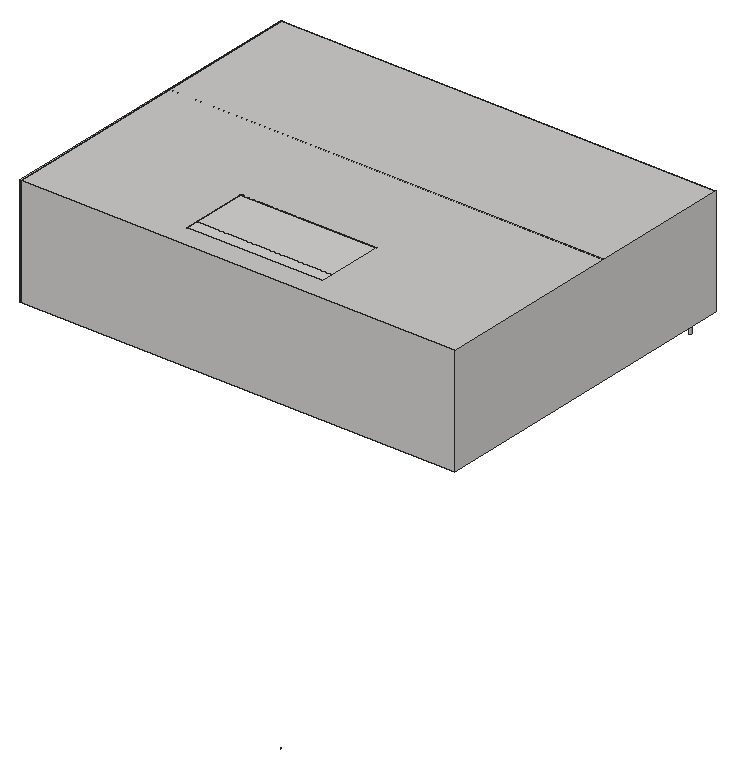
Revit family "QF_ELECTROLUXPROFESSIONAL_643321_DK1216", category Attrezzature speciali, Revit 2021
Family settings
  Quota connettore circolare = Usa diametro
  Tipo di parte = Normale
  Basato su piano di lavoro = No
  Sempre verticale = Sì
  Taglio con vuoti quando caricato = No
  Condiviso = No
  Punto di calcolo locali = No
Parameters (values of type "Standard")
  Weight = 47.00 kg
  Watts = 0 W
  Volts = 0 V
  URL Manufacturer = "https://www.electroluxprofessional.com/"
  URL = "https://www.electroluxprofessional.com/"
  Steam Supply Size = 0 mm
  Steam Supply Minimum Pressure = 0.0 Pa
  Steam Supply Maximum Pressure = 0.0 Pa
  Steam Consumption per Hour = 0
  Refrigeration Suction Line Size = 0 mm
  Refrigeration Liquid Line Size = 0 mm
  Refrigerant Compressor Remote = yes
  Prospetto di default = 0 mm
  Produttore = "Electrolux Professional"
  Phase = 0
  Modello = "DK1216"
  Length Actual = 1600 mm  # constant formula
  Item Number = "643321"
  Hot Water Size = 0 mm
  Height Actual = 400 mm  # constant formula
  HP = "0 HP"
  Gas Size = 0 mm
  Gas KW = 0
  Gas Input Pressure = 0 W
  Direct Waste Size = 0 mm
  Descrizione = "304 S/S DISHWASHER HOOD 160X120 CM"
  Depth Actual = 1200 mm  # constant formula
  Cycle = 0 Hz
  Condensate Return Size = 0 mm
  Compressed Air Volume = 0.0 L/s
  Compressed Air Size = 0 mm
  Compressed Air Pressure = 0.0 Pa
  Cold Water Size = 0 mm
  Accessory = yes
Reference planes
  plane 1: z = 0
  plane 2 "Center (Left/Right)": x = 150
  plane 3 "LEFT": x = -650
  plane 4 "RIGHT": x = 950
  plane 5 "BACK": y = 550
  plane 6 "TOP": z = 2400
  plane 7 "Base": z = 2000
  plane 8: z = 1970
  plane 9 "DrainY": y = 450
  plane 10: x = -647
  plane 11: y = -320
  plane 12: y = -570
  plane 13 "DrainX": x = 937
  plane 14 "AOLeft2": x = 400
  plane 15: x = 947
  plane 16: x = -450
  plane 17: x = 750
  plane 18 "Center (Front/Back)": y = -50
  plane 19 "Front": y = -650
  plane 20 "AOLeft1": x = -100
Forms (mm)
  Extrusion 1, solid, material "QF_Finishes_Stainless Steel"
    sketch origin (-650, 0, 360) x (0, 1, 0) y (0, 0, 1)
      loop
        line (550, 1640) -> (550, 2040) -> (-650, 2040) -> (-650, 1640) -> (550, 1640)
    from 0 to 3
  Extrusion 2, solid, material "QF_Finishes_Stainless Steel"
    sketch origin (950, 0, 360) x (0, 1, 0) y (0, 0, 1)
      loop
        line (550, 1640) -> (550, 2040) -> (-650, 2040) -> (-650, 1640) -> (550, 1640)
    from 0 to -3
  Extrusion 3, solid, material "QF_Finishes_Stainless Steel"
    sketch origin (150, 0, 360) x (0, 1, 0) y (0, 0, 1)
      loop
        line (-650, 2040) -> (-650, 1640) -> (-640, 1640) -> (-640, 1640.8) -> (-649.2, 1640.8) -> (-649.2, 2039.19) -> (549.2, 2039.19) -> (549.2, 1640.8) -> (540, 1640.8) -> (540, 1640) -> (550, 1640) -> (550, 2040) -> (-650, 2040)
    from -800 to 800
  Extrusion 4, solid, material "QF_Finishes_Stainless Steel"
    sketch origin (0, 0, 2000) x (0, 1, 0) y (-1, 0, 0)
      loop
        circle (450, -937) r 4.763
    from -30 to 0
  Extrusion 5, void
    sketch origin (0, 0, 2400) x (0, 1, 0) y (-1, 0, 0)
      loop
        line (-320, -400) -> (-320, 100) -> (-570, 100) -> (-570, -400) -> (-320, -400)
    from 0 to -10
  Extrusion 6, solid, material "QF_Finishes_Stainless Steel"
    sketch origin (0, 0, 0) x (1, 0, 0) y (0, 1, 0)
      loop
        line (-650, 550) -> (-650, 549) -> (-649, 549) -> (-649, 550) -> (-650, 550)
    from 0 to 1
  Sweep 7, solid, material "QF_Finishes_Stainless Steel"
    path origin (0, 0, 0) x (1, 0, 0) y (0, 1, 0)
      loop
        line (950, 550) -> (-650, 550) -> (-650, -650) -> (950, -650) -> (950, 550)
    profile origin (950, -50, 0) x (1, 0, 0) y (0, 0, 1)
      loop
        line (-3, 2000) -> (-3, 2000.8) -> (-19, 2000.8) -> (-19, 2010) -> (-20, 2010) -> (-20, 2000) -> (-3, 2000)
  Extrusion 8, solid, material "QF_Finishes_Stainless Steel"
    sketch origin (150, 0, 0) x (0, 1, 0) y (0, 0, 1)
      loop
        line (35, 2399.19) -> (34.2, 2399.19) -> (34.2, 2329.838) -> (-320.309, 2254.485) -> (-614.003, 2066.672) -> (-614.003, 2000.8) -> (-613.203, 2000.8) -> (-613.203, 2066.234) -> (-320, 2253.732) -> (35, 2329.19) -> (35, 2399.19)
    from -797 to 797
Cuts and joins
  Extrusion 5 cuts Extrusion 3
  joined: Extrusion 2, Extrusion 3, Sweep 7
Lines and regions (mm)
  symbolic lines, style "SpecialityEquipment", detail levels coarse
    curve 1: line (950, 550, 2400) -> (-650, 550, 2400)
    curve 2: line (-650, 550, 2400) -> (-650, -650, 2400)
    curve 3: line (950, -650, 2400) -> (950, 550, 2400)
    curve 4: line (-650, 550, 0) -> (950, -650, 0)
    curve 5: line (950, 550, 0) -> (-650, -650, 0)
    curve 6: line (-650, -650, 0) -> (950, -650, 0)
  symbolic lines, detail levels coarse
    curve 7: line (-100, -570, 0) -> (400, -570, 0)
    curve 8: line (-100, -320, 0) -> (-100, -570, 0)
    curve 9: line (400, -320, 0) -> (-100, -320, 0)
    curve 10: line (400, -570, 0) -> (400, -320, 0)
Dimensions and locks
  plane 3 "LEFT" to plane 4 "RIGHT" = 1600 mm
  equal spacing: plane 3 "LEFT", plane 2 "Center (Left/Right)", plane 4 "RIGHT"
  plane 7 "Base" to plane 8 = 30 mm
  plane 5 "BACK" to plane 9 "DrainY" = 100 mm  (x2)
  plane 3 "LEFT" to plane 10 = 3 mm
  plane 13 "DrainX" to plane 4 "RIGHT" = 13 mm
  plane 15 to plane 4 "RIGHT" = 3 mm
  plane 3 "LEFT" to plane 16 = 200 mm
  plane 17 to plane 4 "RIGHT" = 200 mm
  locked: plane 7 "Base" to level at 2000
  locked: plane 6 "TOP" to plane 7 "Base" at 400
  plane 5 "BACK" to plane 19 "Front" = 1200 mm  (x2)
  equal spacing: plane 5 "BACK", plane 18 "Center (Front/Back)", plane 19 "Front"
  plane 12 to plane 19 "Front" = 80 mm
  locked: plane 11 to plane 12 at 250
  locked: plane 20 "AOLeft1" to plane 14 "AOLeft2" at 500
  equal spacing: plane 20 "AOLeft1", plane 2 "Center (Left/Right)", plane 14 "AOLeft2"
  aligned and locked: level to plane 1
  aligned and locked: plane 4 "RIGHT" to Extrusion 3
  aligned and locked: Extrusion 3 to plane 3 "LEFT"
  aligned and locked: Extrusion 5 to plane 12
  aligned and locked: Extrusion 5 to plane 11
  aligned and locked: Extrusion 2 to plane 15
  aligned and locked: Extrusion 8 to plane 10
  aligned and locked: plane 15 to Extrusion 8
  aligned and locked: Extrusion 5 to plane 20 "AOLeft1"
  aligned and locked: Extrusion 5 to plane 14 "AOLeft2"
Automatic sketch dimensions
  Extrusion 1 sketch curve to plane 7 "Base" = 0 mm
  Extrusion 1 sketch curve to plane 19 "Front" = 0 mm
  Extrusion 1 sketch curve to plane 5 "BACK" = 0 mm
  Extrusion 1 sketch curve to plane 6 "TOP" = 0 mm
  Extrusion 2 sketch curve to plane 7 "Base" = 0 mm
  Extrusion 2 sketch curve to plane 19 "Front" = 0 mm
  Extrusion 2 sketch curve to plane 5 "BACK" = 0 mm
  Extrusion 2 sketch curve to plane 6 "TOP" = 0 mm
  Extrusion 3 sketch curve to plane 6 "TOP" = 0 mm
  Extrusion 3 sketch curve to plane 19 "Front" = 0 mm
  Extrusion 3 sketch curve to plane 7 "Base" = 0 mm  (x2)
  Extrusion 3 sketch curve to plane 5 "BACK" = 0 mm
  plane 19 "Front" to Extrusion 3 sketch curve = 0.8 mm
  Extrusion 3 sketch curve to Extrusion 3 sketch curve = 9.2 mm
  plane 7 "Base" to Extrusion 3 sketch curve = 0.8 mm  (x2)
  Extrusion 3 sketch curve to plane 5 "BACK" = 10 mm
  Extrusion 3 sketch curve to plane 5 "BACK" = 0.8 mm
  Extrusion 3 sketch curve to plane 6 "TOP" = 0.81 mm
  Extrusion 4 sketch curve to plane 9 "DrainY" = 0 mm
  Extrusion 4 sketch curve to plane 13 "DrainX" = 0 mm
  Extrusion 5 sketch curve to plane 12 = 0 mm
  plane 11 to Extrusion 5 sketch curve = 0 mm
  Extrusion 5 sketch curve to plane 14 "AOLeft2" = 0 mm
  Extrusion 5 sketch curve to plane 20 "AOLeft1" = 0 mm
  Extrusion 6 sketch curve to plane 3 "LEFT" = 0 mm
  Extrusion 6 sketch curve to plane 5 "BACK" = 0 mm
  plane 3 "LEFT" to Extrusion 6 sketch curve = 1 mm
  Extrusion 6 sketch curve to Extrusion 6 sketch curve = 1 mm
  Sweep 7 sketch curve to plane 3 "LEFT" = 0 mm
  Sweep 7 sketch curve to plane 4 "RIGHT" = 0 mm
  Sweep 7 sketch curve to plane 19 "Front" = 0 mm
  Sweep 7 sketch curve to plane 5 "BACK" = 0 mm
  profile plane to Sweep 7 sketch curve = 20 mm
  Sweep 7 sketch curve to Sweep 7 sketch curve = 1 mm
  profile plane to Sweep 7 sketch curve = 3 mm
  level to Sweep 7 sketch curve = 2000 mm
  Sweep 7 sketch curve to Sweep 7 sketch curve = 0.8 mm
  Sweep 7 sketch curve to Sweep 7 sketch curve = 9.2 mm
  curve 5 to plane 3 "LEFT" = 0 mm
  curve 4 to plane 3 "LEFT" = 0 mm
  curve 6 to plane 19 "Front" = 0 mm
  curve 5 to plane 4 "RIGHT" = 0 mm
  curve 6 to plane 4 "RIGHT" = 0 mm
  curve 5 to plane 5 "BACK" = 0 mm
  curve 4 to plane 5 "BACK" = 0 mm
  curve 2 to plane 3 "LEFT" = 0 mm
  curve 2 to plane 19 "Front" = 0 mm
  curve 3 to plane 4 "RIGHT" = 0 mm
  curve 3 to plane 19 "Front" = 0 mm
  curve 2 to plane 5 "BACK" = 0 mm
  Extrusion 8 sketch curve to plane 11 = 0 mm
  plane 11 to Extrusion 8 sketch curve = 0.309 mm
  plane 7 "Base" to Extrusion 8 sketch curve = 0.8 mm
  plane 19 "Front" to Extrusion 8 sketch curve = 36.797 mm
  Extrusion 8 sketch curve to Extrusion 8 sketch curve = 0.8 mm  (x2)
  plane 18 "Center (Front/Back)" to Extrusion 8 sketch curve = 84.2 mm
  Extrusion 8 sketch curve to Extrusion 8 sketch curve = 65.434 mm
  Extrusion 8 sketch curve to plane 6 "TOP" = 146.268 mm
  Extrusion 8 sketch curve to Extrusion 8 sketch curve = 0.752 mm
  Extrusion 8 sketch curve to plane 6 "TOP" = 70.81 mm
  Extrusion 8 sketch curve to Extrusion 8 sketch curve = 0.648 mm
  Extrusion 8 sketch curve to Extrusion 8 sketch curve = 0.438 mm
  Extrusion 8 sketch curve to plane 6 "TOP" = 0.81 mm
  curve 7 to plane 12 = 0 mm
  curve 7 to plane 20 "AOLeft1" = 0 mm
  plane 11 to curve 8 = 0 mm
  curve 9 to plane 14 "AOLeft2" = 0 mm
  radius of Extrusion 4 sketch curve = 4.763 mm
Connectors
  piping at (937, 450, 1970), diameter 9.5
    settings: on Extrusion 4, index 1, connector inside diameter 609.6 mm, connector length 0 mm, flow factor 0, pipe flow 0.0 L/s, pressure drop 0.0 Pa, fitting loss kfactor 0, connector angle 0.00°, fixture units 0, engagement length 0 mm, angle of deflection 0.00°, flow configuration 1, flow direction 2, fitting loss method 0, system type 16, joint type 0, gender type 0, connector reference index -1, connector utility 0, adjustable connector no, is connector primary yes, connector description "Drain"
  hvac at (150, -445, 2400)
    settings: on Extrusion 5, index 2, duct flow 0.0 L/s, flow factor 0, pres drop 0.0 Pa, loss coef 0, conn angle 0.00°, conn width 250 mm, conn height 500 mm, conn diameter 609.6 mm, duct sys type 3, conn prof type 1, flow config 1, flow direction 2, loss method 0, conn ref index -1, conn util no, is conn primary yes, conn desc "EXHAUST OUTLET"
